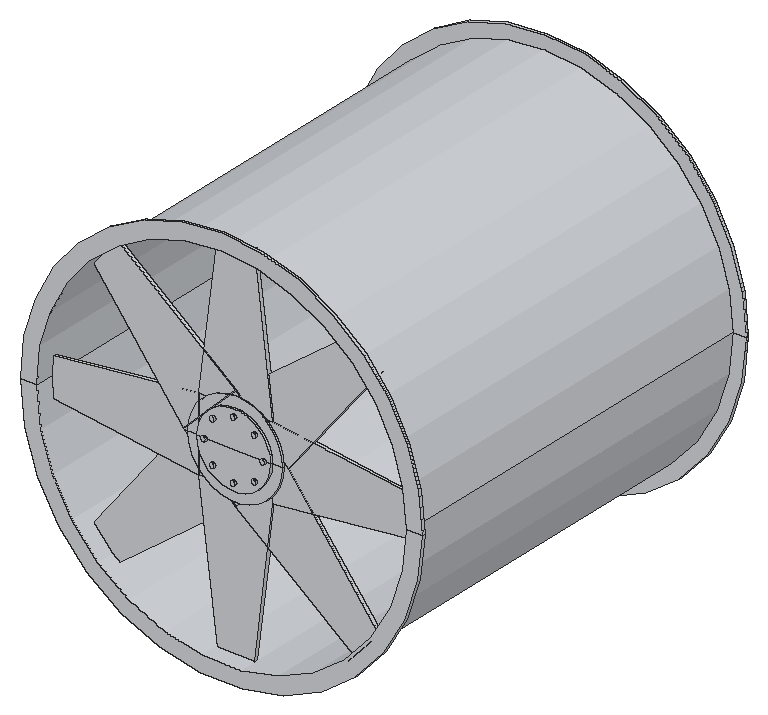
Revit family "CADS_Vent-Axia_MechEquip_Fan_BIFA_800_3Ph4P - SUPPLY", category Mechanical Equipment, Revit 2020
Family settings
  Round Connector Dimension = Use Diameter
  Part Type = Normal
  OmniClass Number = 23.75.00.00
  OmniClass Title = Climate Control (HVAC)
  Work Plane-Based = No
  Always vertical = Yes
  Cut with Voids When Loaded = No
  Shared = No
  Room Calculation Point = No
Parameters (values of type "BIFA803440")
  WorkingPressure = 0.0 Pa
  WarrantyStartDate [instance] = "1900-12-31T23:59:59"
  WarrantyPeriod = ""
  WarrantyIdentifier = "N/A"
  WarrantyGuarantorParts = "tech@vent-axia.com"
  WarrantyGuarantorLabor = "tech@vent-axia.com"
  WarrantyGuarantor = "Vent-Axia Limited"
  WarrantyEndDate [instance] = "1900-12-31T23:59:59"
  WarrantyContent = ""
  TemperatureRange = ""
  TagNumber [instance] = "N/A"
  SustainabilityPerformance = ""
  Status = "New"
  Size = ""
  Shape = ""
  ServiceLifeType = ""
  ServiceLifeDuration = ""
  SerialNumber [instance] = "N/A"
  ReplacementCost = ""
  RatedVoltage = 0 V
  RatedCurrent = 0 A
  Quantity = 1
  ProductionYear = ""
  PressureCurve = ""
  PowerFactor = ""
  PointOfContact = ""
  NumberOfPoles = 0
  NominalWidth = 800 mm
  NominalLength = 880 mm
  NominalHeight = 800 mm
  NominalFrequencyRange = ""
  NominalDiameter = 800 mm
  ModelReference = "BIF 800MM 3PH 4P 40DEG"
  ModelNumber = "BIFA803440"
  Material = ""
  ManufacturerE-Mail = "tech@vent-axia.com"
  ManufacturerAddress = "Fleming Way\nCrawley \nRH10 9YX"
  IsExtendedWarranty = no
  InsulationStandardClass = ""
  InstallationDate [instance] = "1900-12-31T23:59:59"
  IfcExportType [instance] = ""
  IfcExportAs = "IfcFanType"
  IP_Code = ""
  HasProtectiveEarth = no
  GrossWeight = 0.00 kg
  Grade = ""
  GlobalTradeItemNumber [instance] = "N/A"
  Fitting Type = "Ignore"
  Finish = ""
  Features = ""
  ExteriorInsulation = no
  ExpectedServiceLife = 0
  Exclusions = ""
  DurationUnit = "Year"
  Default Elevation = 0 mm
  Constituents = ""
  ConductorFunction = ""
  Color = ""
  CodePerformance = ""
  Category = ""
  CADS_Usage = 0
  CADS_Index = 0
  AssetType = "FIXED"
  AssetIdentifier [instance] = "N/A"
  AssemblyPlace = "UNKNOWN"
  ArticleNumber [instance] = "N/A"
  AirflowRateRange = 0.0 L/s
  Air Flow [instance] = 0.0 L/s
  AccessibilityPerformance = ""
Types (16, lengths in mm): name | ModelReference | ModelNumber
  BIFA803410 | "BIF 800MM 3PH 4P 10DEG" | "BIFA803410"
  BIFA803412 | "BIF 800MM 3PH 4P 12DEG" | "BIFA803412"
  BIFA803414 | "BIF 800MM 3PH 4P 14DEG" | "BIFA803414"
  BIFA803416 | "BIF 800MM 3PH 4P 16DEG" | "BIFA803416"
  BIFA803418 | "BIF 800MM 3PH 4P 18DEG" | "BIFA803418"
  BIFA803420 | "BIF 800MM 3PH 4P 20DEG" | "BIFA803420"
  BIFA803422 | "BIF 800MM 3PH 4P 22DEG" | "BIFA803422"
  BIFA803424 | "BIF 800MM 3PH 4P 24DEG" | "BIFA803424"
  BIFA803426 | "BIF 800MM 3PH 4P 26DEG" | "BIFA803426"
  BIFA803428 | "BIF 800MM 3PH 4P 28DEG" | "BIFA803428"
  BIFA803430 | "BIF 800MM 3PH 4P 30DEG" | "BIFA803430"
  BIFA803432 | "BIF 800MM 3PH 4P 32DEG" | "BIFA803432"
  BIFA803434 | "BIF 800MM 3PH 4P 34DEG" | "BIFA803434"
  BIFA803436 | "BIF 800MM 3PH 4P 36DEG" | "BIFA803436"
  BIFA803438 | "BIF 800MM 3PH 4P 38DEG" | "BIFA803438"
  BIFA803440 | "BIF 800MM 3PH 4P 40DEG" | "BIFA803440"
Reference planes
  plane 1 "Center (Front/Back)": y = 0
  plane 2: z = 0
  plane 3 "Center (Left/Right)": x = 0
  plane 4: x = -400
  plane 5: x = 400
  plane 6 "F": y = -440
  plane 7 "B": y = 440
  plane 8: x = -435
  plane 9: y = 435
  plane 10: y = -435
  plane 11: x = -405
  plane 12: y = -400
Forms (mm)
  Revolve 1, solid
    sketch origin (0, 0, 0) x (1, 0, 0) y (0, 1, 0)
      loop
        line (-435, -440) -> (-400, -440) -> (-400, 440) -> (-435, 440) -> (-435, 435) -> (-405, 435) -> (-405, -435) -> (-435, -435) -> (-435, -440)
      axis (0, 440) -> (0, -440)
    angle from 0 to 360
Dimensions and locks
  equal spacing: plane 4, plane 3 "Center (Left/Right)", plane 5
  equal spacing: plane 7 "B", plane 1 "Center (Front/Back)", plane 6 "F"
  "NominalLength": plane 7 "B" to plane 6 "F"
  "NominalDiameter": plane 4 to plane 5
  locked: plane 11 to plane 4 at 5
  locked: plane 8 to plane 11 at 30
  locked: plane 6 "F" to plane 10 at 5
  locked: plane 7 "B" to plane 9 at 5
  locked: plane 6 "F" to plane 12 at 40
  aligned and locked: level to plane 2
  aligned and locked: nested 1 to plane 12
Automatic sketch dimensions
  plane 6 "F" to Revolve 1 sketch curve = 0 mm
  Revolve 1 sketch curve to plane 8 = 0 mm  (x2)
  plane 10 to Revolve 1 sketch curve = 0 mm
  Revolve 1 sketch curve to plane 11 = 0 mm
  Revolve 1 sketch curve to plane 4 = 0 mm
  Revolve 1 sketch curve to plane 3 "Center (Left/Right)" = 0 mm
  plane 1 "Center (Front/Back)" to Revolve 1 sketch curve = 0 mm
  Revolve 1 sketch curve to plane 9 = 0 mm
  Revolve 1 sketch curve to plane 7 "B" = 0 mm
  plane 6 "F" to Revolve 1 sketch curve = 115 mm
Nested families
  nested 1: "Fan for BIFA" at (0, -400, 0), ND <- "NominalDiameter", type "Fan for BIFA"
    with hub 80 mm, ND 800 mm, BoltPCD 64 mm, Bolt Count 8, B_Diam 10 mm
  nested 2: "Bolts" at (0, -409.172, -64) x (-1, 0, 0) z (0, 1, 0), type "Bolts"
    with bd 10 mm
  nested 3: "Bolts" at (-45.255, -409.172, -45.255) x (-0.7071, 0, 0.7071) z (0, 1, 0), type "Bolts"
    with bd 10 mm
  nested 4: "Bolts" at (-64, -409.172, 0) x (0, 0, 1) z (0, 1, 0), type "Bolts"
    with bd 10 mm
  nested 5: "Bolts" at (-45.255, -409.172, 45.255) x (0.7071, 0, 0.7071) z (0, 1, 0), type "Bolts"
    with bd 10 mm
  nested 6: "Bolts" at (45.255, -409.172, 45.255) x (0.7071, 0, -0.7071) z (0, 1, 0), type "Bolts"
    with bd 10 mm
  nested 7: "Bolts" at (0, -409.172, 64) x (1, 0, 0) z (0, 1, 0), type "Bolts"
    with bd 10 mm
  nested 8: "BIFA Blade" at (0, -400, 0), type "BIFA Blade"
    with a 20.00°, HR 80 mm, HD 160 mm, BT 80 mm, BR 320 mm, BH 40 mm, BD 800 mm, BB 160 mm
  nested 9: "BIFA Blade" at (0, -400, 0) x (0.7071, 0, -0.7071) z (0.7071, 0, 0.7071), type "BIFA Blade"
    with a 20.00°, HR 80 mm, HD 160 mm, BT 80 mm, BR 320 mm, BH 40 mm, BD 800 mm, BB 160 mm
  nested 10: "BIFA Blade" at (0, -400, 0) x (0, 0, -1) z (1, 0, 0), type "BIFA Blade"
    with a 20.00°, HR 80 mm, HD 160 mm, BT 80 mm, BR 320 mm, BH 40 mm, BD 800 mm, BB 160 mm
  nested 11: "BIFA Blade" at (0, -400, 0) x (-0.7071, 0, -0.7071) z (0.7071, 0, -0.7071), type "BIFA Blade"
    with a 20.00°, HR 80 mm, HD 160 mm, BT 80 mm, BR 320 mm, BH 40 mm, BD 800 mm, BB 160 mm
  nested 12: "BIFA Blade" at (0, -400, 0) x (-1, 0, 0) z (0, 0, -1), type "BIFA Blade"
    with a 20.00°, HR 80 mm, HD 160 mm, BT 80 mm, BR 320 mm, BH 40 mm, BD 800 mm, BB 160 mm
  nested 13: "BIFA Blade" at (0, -400, 0) x (-0.7071, 0, -0.7071) z (-0.7071, 0, 0.7071), type "BIFA Blade"
    with a 20.00°, HR 80 mm, HD 160 mm, BT 80 mm, BR 320 mm, BH 40 mm, BD 800 mm, BB 160 mm
  nested 14: "BIFA Blade" at (0, -400, 0) x (0, 0, -1) z (-1, 0, 0), type "BIFA Blade"
    with a 20.00°, HR 80 mm, HD 160 mm, BT 80 mm, BR 320 mm, BH 40 mm, BD 800 mm, BB 160 mm
  nested 15: "BIFA Blade" at (0, -400, 0) x (0.7071, 0, -0.7071) z (-0.7071, 0, -0.7071), type "BIFA Blade"
    with a 20.00°, HR 80 mm, HD 160 mm, BT 80 mm, BR 320 mm, BH 40 mm, BD 800 mm, BB 160 mm
  nested 16: "Bolts" at (64, -409.172, 0) x (0, 0, -1) z (0, 1, 0), type "Bolts"
    with bd 10 mm
  nested 17: "Bolts" at (45.255, -409.172, -45.255) x (-0.7071, 0, -0.7071) z (0, 1, 0), type "Bolts"
    with bd 10 mm
Connectors
  hvac at (0, -440, 0), driven by "NominalDiameter", driven by "Air Flow"
    settings: on Revolve 1, index 1, duct flow 0.0 L/s, flow factor 0, pres drop 0.0 Pa, loss coef 0, conn angle 0.00°, conn width 304.8 mm, conn height 304.8 mm, conn diameter 800 mm, duct sys type 1, conn prof type 0, flow config 1, flow direction 1, loss method 0, conn ref index -1, conn util no, is conn primary yes, conn desc ""
  hvac at (0, 440, 0), driven by "NominalDiameter", driven by "Air Flow"
    settings: on Revolve 1, index 2, duct flow 0.0 L/s, flow factor 0, pres drop 0.0 Pa, loss coef 0, conn angle 0.00°, conn width 304.8 mm, conn height 304.8 mm, conn diameter 800 mm, duct sys type 1, conn prof type 0, flow config 0, flow direction 2, loss method 0, conn ref index -1, conn util no, is conn primary no, conn desc ""
Definition of nested family "Fan for BIFA"
  Parameters (values of type "Fan for BIFA")
    hub [instance] = ND / 10  # 50 mm
    ND [instance] = 500 mm
    Model = "."
    Default Elevation = 0 mm
    BoltPCD [instance] = hub - (hub * 0.2)  # 40 mm
    Bolt Count [instance] = if(hub < 50 mm, 6, 8)  # 8
    B_Diam [instance] = if(hub < 50 mm, 5 mm, 10 mm)  # 10 mm
  Reference planes
    plane 1 "Center (Front/Back)": y = 0
    plane 2: z = 0
    plane 3 "Center (Left/Right)": x = 0
    plane 4 "back": y = 20
    plane 5 "bolts": y = -9.172
    plane 6 "B": z = 50
    plane 7: x = -72.587
    plane 8: x = -50
    plane 9 "hubface": y = -6.172
  Forms (mm)
    Revolve 1, solid
      sketch origin (0, 0, 0) x (1, 0, 0) y (0, 1, 0)
        loop
          line (0, 20) -> (-50, 20) -> (-50, 10.504) -> (-72.587, 10.504) -> (-72.587, -2.597) -> (-50, -2.597) -> (-50, -6.172) -> (0, -6.172) -> (0, 20)
        axis (0, 20) -> (0, -6.172)
      angle from 0 to 360
    Extrusion 2, solid, not visible
      sketch origin (0, -6.347, -4) x (-1, 0, 0) y (0, 0, 1)
        loop
          circle (0, 84) r 5
      from 0 to 3
  Lines and regions (mm)
    symbolic lines
      curve 1: circle (0, -9.172, 0) r 40 normal (0, 1, 0)
    model lines, not visible
      curve 2: line (0, -6.347, 85) -> (0, -6.347, 75)
  Dimensions and locks
    "hub": plane 6 "B" to plane 2
    "hub": nested 3 to plane 3 "Center (Left/Right)"
    "hub": nested 4 to plane 3 "Center (Left/Right)"
    "hub": nested 5 to plane 3 "Center (Left/Right)"
    "hub": plane 3 "Center (Left/Right)" to nested 6
    "hub": Revolve 1 sketch curve to Revolve 1 sketch curve
    "hub": plane 3 "Center (Left/Right)" to nested 7
    "hub": plane 3 "Center (Left/Right)" to nested 8
    "hub": plane 3 "Center (Left/Right)" to nested 9
    "hub": plane 8 to plane 3 "Center (Left/Right)"
    plane 7 to plane 8 = 22.587 mm
    diameter of Extrusion 2 sketch curve = 10 mm
    "BoltPCD": radius of curve 1
    "BoltPCD": radius of radial array
    aligned and locked: level to plane 2
    aligned and locked: plane 6 "B" to nested 1
  Automatic sketch dimensions
    Revolve 1 sketch curve to plane 7 = 0 mm
    Revolve 1 sketch curve to plane 8 = 0 mm  (x2)
    Revolve 1 sketch curve to plane 3 "Center (Left/Right)" = 0 mm
    Revolve 1 sketch curve to plane 9 "hubface" = 0 mm
    plane 4 "back" to Revolve 1 sketch curve = 0 mm
    plane 1 "Center (Front/Back)" to Revolve 1 sketch curve = 2.597 mm
    plane 4 "back" to Revolve 1 sketch curve = 9.496 mm
    plane 4 "back" to Revolve 1 sketch curve = 5 mm
    Revolve 1 sketch curve to Revolve 1 sketch curve = 45 mm
    curve 1 to level = 0 mm
    curve 1 to plane 3 "Center (Left/Right)" = 0 mm
  Nested families
    nested 1: "BIFA Blade" at (0, 0, 25), BD <- "ND", HD <- "hub", type "BIFA Blade"
      with a 20.00°, HR 25 mm, HD 50 mm, BT 25 mm, BR 100 mm, BH 40 mm, BD 250 mm, BB 50 mm
    nested 2: "BIFA Blade" at (0, 0, 55), BD <- "ND", HD <- "hub", type "BIFA Blade", not visible
      with a 20.00°, HR 25 mm, HD 50 mm, BT 25 mm, BR 100 mm, BH 40 mm, BD 250 mm, BB 50 mm
    nested 3: "BIFA Blade" at (17.678, 0, 17.678) x (0.7071, 0, -0.7071) z (0.7071, 0, 0.7071), BD <- "ND", HD <- "hub", type "BIFA Blade"
      with a 20.00°, HR 25 mm, HD 50 mm, BT 25 mm, BR 100 mm, BH 40 mm, BD 250 mm, BB 50 mm
    nested 4: "BIFA Blade" at (25, 0, 0) x (0, 0, -1) z (1, 0, 0), BD <- "ND", HD <- "hub", type "BIFA Blade"
      with a 20.00°, HR 25 mm, HD 50 mm, BT 25 mm, BR 100 mm, BH 40 mm, BD 250 mm, BB 50 mm
    nested 5: "BIFA Blade" at (17.678, 0, -17.678) x (-0.7071, 0, -0.7071) z (0.7071, 0, -0.7071), BD <- "ND", HD <- "hub", type "BIFA Blade"
      with a 20.00°, HR 25 mm, HD 50 mm, BT 25 mm, BR 100 mm, BH 40 mm, BD 250 mm, BB 50 mm
    nested 6: "BIFA Blade" at (0, 0, -25) x (-1, 0, 0) z (0, 0, -1), BD <- "ND", HD <- "hub", type "BIFA Blade"
      with a 20.00°, HR 25 mm, HD 50 mm, BT 25 mm, BR 100 mm, BH 40 mm, BD 250 mm, BB 50 mm
    nested 7: "BIFA Blade" at (-17.678, 0, 17.678) x (-0.7071, 0, -0.7071) z (-0.7071, 0, 0.7071), BD <- "ND", HD <- "hub", type "BIFA Blade"
      with a 20.00°, HR 25 mm, HD 50 mm, BT 25 mm, BR 100 mm, BH 40 mm, BD 250 mm, BB 50 mm
    nested 8: "BIFA Blade" at (-25, 0, 0) x (0, 0, -1) z (-1, 0, 0), BD <- "ND", HD <- "hub", type "BIFA Blade"
      with a 20.00°, HR 25 mm, HD 50 mm, BT 25 mm, BR 100 mm, BH 40 mm, BD 250 mm, BB 50 mm
    nested 9: "BIFA Blade" at (-17.678, 0, -17.678) x (0.7071, 0, -0.7071) z (-0.7071, 0, -0.7071), BD <- "ND", HD <- "hub", type "BIFA Blade"
      with a 20.00°, HR 25 mm, HD 50 mm, BT 25 mm, BR 100 mm, BH 40 mm, BD 250 mm, BB 50 mm
    nested 10: "Bolts" at (0, -9.172, 40) x (1, 0, 0) z (0, 1, 0), bd <- "B_Diam", type "Bolts"
      with bd 10 mm
    nested 11: "Bolts" at (28.284, -9.172, 28.284) x (0.7071, 0, -0.7071) z (0, 1, 0), bd <- "B_Diam", type "Bolts"
      with bd 10 mm
    nested 12: "Bolts" at (-28.284, -9.172, 28.284) x (0.7071, 0, 0.7071) z (0, 1, 0), bd <- "B_Diam", type "Bolts"
      with bd 10 mm
    nested 13: "Bolts" at (-40, -9.172, 0) x (0, 0, 1) z (0, 1, 0), bd <- "B_Diam", type "Bolts"
      with bd 10 mm
    nested 14: "Bolts" at (-28.284, -9.172, -28.284) x (-0.7071, 0, 0.7071) z (0, 1, 0), bd <- "B_Diam", type "Bolts"
      with bd 10 mm
    nested 15: "Bolts" at (0, -9.172, -40) x (-1, 0, 0) z (0, 1, 0), bd <- "B_Diam", type "Bolts"
      with bd 10 mm
    nested 16: "Bolts" at (28.284, -9.172, -28.284) x (-0.7071, 0, -0.7071) z (0, 1, 0), bd <- "B_Diam", type "Bolts"
      with bd 10 mm
    nested 17: "Bolts" at (40, -9.172, 0) x (0, 0, -1) z (0, 1, 0), bd <- "B_Diam", type "Bolts"
      with bd 10 mm
  Definition of nested family "BIFA Blade"
    Parameters (values of type "BIFA Blade")
      a [instance] = 20.00°
      HR [instance] = HD / 2  # 30 mm
      HD [instance] = BD / 5  # 60 mm
      Default Elevation = 1219.2 mm
      BT [instance] = BD / 10  # 30 mm
      BR [instance] = (BD / 2) - HR  # 120 mm
      BH [instance] = 40 mm
      BD [instance] = 300 mm
      BB [instance] = BD / 5  # 60 mm
    Reference planes
      plane 1 "Center (Front/Back)": y = 0
      plane 2: z = 0
      plane 3 "Center (Left/Right)": x = 0
      plane 4 "Blade Bot": z = 30
      plane 5: x = -30
      plane 6: x = 30
      plane 7: x = -15
      plane 8: x = 15
    Forms (mm)
      Blend 1, solid
        base sketch origin (0, 0, 30) x (-1, 0, 0) y (0, -1, 0)
          loop
            line (30, 0) -> (-30, 0) -> (-30, -6) -> (30, -6) -> (30, 0)
        top sketch origin (0, 0, 30) x (-1, 0, 0) y (0, -1, 0)
          loop
            line (15, -6) -> (15, 0) -> (-15, 0) -> (-15, -6) -> (15, -6)
        from 0 to 120 <- "BR"
    Dimensions and locks
      "HR": plane 4 "Blade Bot" to level
      equal spacing: plane 8, plane 3 "Center (Left/Right)", plane 7
      "BT": plane 8 to plane 7
      equal spacing: plane 6, plane 3 "Center (Left/Right)", plane 5
      "BB": plane 6 to plane 5
      aligned and locked: level to plane 2
    Automatic sketch dimensions
      plane 1 "Center (Front/Back)" to Blend 1 sketch curve = 0 mm  (x2)
      Blend 1 sketch curve to plane 6 = 0 mm
      Blend 1 sketch curve to plane 5 = 0 mm
      Blend 1 sketch curve to plane 1 "Center (Front/Back)" = 6 mm  (x2)
      Blend 1 sketch curve to plane 8 = 0 mm
      Blend 1 sketch curve to plane 7 = 0 mm
  Definition of nested family "Bolts"
    Parameters
      bd [instance] = 10 mm
      Default Elevation = 1219.2 mm
    Reference planes
      plane 1 "Center (Front/Back)": y = 0
      plane 2: z = 0
      plane 3 "Center (Left/Right)": x = 0
    Forms (mm)
      Extrusion 1, solid
        sketch origin (0, 0, 0) x (1, 0, 0) y (0, 1, 0)
          loop
            line (-1219.2, 1219.2) -> (-1219.2, -1219.2) -> (1219.2, -1219.2) -> (1219.2, 1219.2) -> (-1219.2, 1219.2)
        from 0 to -304.8
      Extrusion 2, solid
        sketch origin (0, 0, 0) x (1, 0, 0) y (0, 1, 0)
          loop
            circle (0, 0) r 5
        from 0 to 3
    Dimensions and locks
      "bd": diameter of Extrusion 2 sketch curve
      aligned and locked: plane 2 to Extrusion 1
      aligned and locked: level to Extrusion 1
    Automatic sketch dimensions
      Extrusion 1 sketch curve to Extrusion 1 sketch curve = 2438.4 mm  (x2)
      plane 1 "Center (Front/Back)" to Extrusion 2 sketch curve = 0 mm
      Extrusion 2 sketch curve to plane 3 "Center (Left/Right)" = 0 mm
Definition of nested family "Bolts"
  Parameters
    bd [instance] = 10 mm
    Default Elevation = 1219.2 mm
  Reference planes
    plane 1 "Center (Front/Back)": y = 0
    plane 2: z = 0
    plane 3 "Center (Left/Right)": x = 0
  Forms (mm)
    Extrusion 1, solid
      sketch origin (0, 0, 0) x (1, 0, 0) y (0, 1, 0)
        loop
          line (-1219.2, 1219.2) -> (-1219.2, -1219.2) -> (1219.2, -1219.2) -> (1219.2, 1219.2) -> (-1219.2, 1219.2)
      from 0 to -304.8
    Extrusion 2, solid
      sketch origin (0, 0, 0) x (1, 0, 0) y (0, 1, 0)
        loop
          circle (0, 0) r 5
      from 0 to 3
  Dimensions and locks
    "bd": diameter of Extrusion 2 sketch curve
    aligned and locked: plane 2 to Extrusion 1
    aligned and locked: level to Extrusion 1
  Automatic sketch dimensions
    Extrusion 1 sketch curve to Extrusion 1 sketch curve = 2438.4 mm  (x2)
    plane 1 "Center (Front/Back)" to Extrusion 2 sketch curve = 0 mm
    Extrusion 2 sketch curve to plane 3 "Center (Left/Right)" = 0 mm
Definition of nested family "BIFA Blade"
  Parameters (values of type "BIFA Blade")
    a [instance] = 20.00°
    HR [instance] = HD / 2  # 30 mm
    HD [instance] = BD / 5  # 60 mm
    Default Elevation = 1219.2 mm
    BT [instance] = BD / 10  # 30 mm
    BR [instance] = (BD / 2) - HR  # 120 mm
    BH [instance] = 40 mm
    BD [instance] = 300 mm
    BB [instance] = BD / 5  # 60 mm
  Reference planes
    plane 1 "Center (Front/Back)": y = 0
    plane 2: z = 0
    plane 3 "Center (Left/Right)": x = 0
    plane 4 "Blade Bot": z = 30
    plane 5: x = -30
    plane 6: x = 30
    plane 7: x = -15
    plane 8: x = 15
  Forms (mm)
    Blend 1, solid
      base sketch origin (0, 0, 30) x (-1, 0, 0) y (0, -1, 0)
        loop
          line (30, 0) -> (-30, 0) -> (-30, -6) -> (30, -6) -> (30, 0)
      top sketch origin (0, 0, 30) x (-1, 0, 0) y (0, -1, 0)
        loop
          line (15, -6) -> (15, 0) -> (-15, 0) -> (-15, -6) -> (15, -6)
      from 0 to 120 <- "BR"
  Dimensions and locks
    "HR": plane 4 "Blade Bot" to level
    equal spacing: plane 8, plane 3 "Center (Left/Right)", plane 7
    "BT": plane 8 to plane 7
    equal spacing: plane 6, plane 3 "Center (Left/Right)", plane 5
    "BB": plane 6 to plane 5
    aligned and locked: level to plane 2
  Automatic sketch dimensions
    plane 1 "Center (Front/Back)" to Blend 1 sketch curve = 0 mm  (x2)
    Blend 1 sketch curve to plane 6 = 0 mm
    Blend 1 sketch curve to plane 5 = 0 mm
    Blend 1 sketch curve to plane 1 "Center (Front/Back)" = 6 mm  (x2)
    Blend 1 sketch curve to plane 8 = 0 mm
    Blend 1 sketch curve to plane 7 = 0 mm
